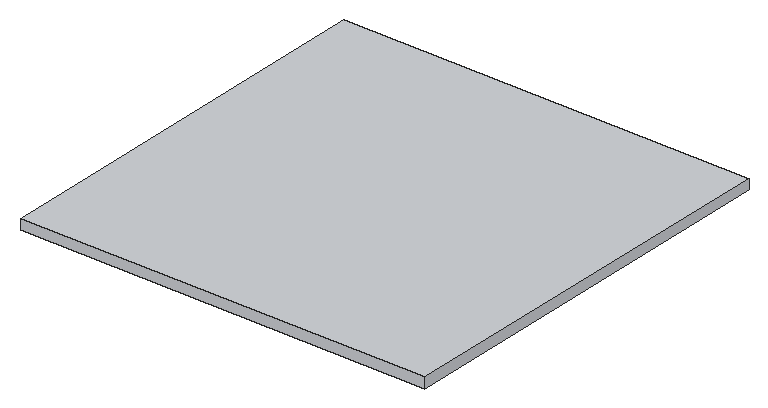
Revit family "4967300", category Aparatos sanitarios, Revit 2017
Family settings
  Anfitrión = Cara
  Cota de conector redondo = Diámetro de uso
  Tipo de pieza = Normal
  Número OmniClass = 23.45.55.14
  Título OmniClass = Single Faucets
  Corte con vacíos al cargar = No
  Compartido = No
  Punto de cálculo de habitación = No
Parameters (values of type "4967300")
  URL = "http://www.griferiasgalindo.com"
  Teléfono = "(+34) 915 782 575"
  TIPO DE AGUA = "Fria/Caliente"
  REFERENCIA = "4967300"
  Presión Máxima = "8 bar"
  PESO BRUTO = ""
  Modelo = "MECANISMO DUCHA EMPOTRABLE"
  Material = LATON CROMADO
  Imagen de tipo = <Ninguno>
  Fabricante = "PRESTO IBÉRICA"
  Default Elevation = 1219.2 mm
  ENTRADA = "Hembra 1/2\""
  Descripción = "Mecanismo ducha empotrable"
  Código de montaje = "C1030220"
  Contacto = "info@prestoiberica.com"
  Conexión AF = yes
  Conexión AC = yes
  Comentarios de tipo = "Cartucho sellado con discos cerámicos de Ø 35 mm.  Entradas y salidas hembra de 1/2\"."
  CIERRE = "Manual"
  CAUDAL = ""
  Accionamiento = "Mediante maneta"
Reference planes
  plane 1 "Centro (Frontal/Posterior)": y = 0
  plane 2: z = 0
  plane 3 "Centro (Izquierda/Derecha)": x = 0
Forms (mm)
  Extrusion 1, solid
    sketch origin (0, 0, 0) x (1, 0, 0) y (0, 1, 0)
      loop
        line (-100, 100) -> (-100, -100) -> (100, -100) -> (100, 100) -> (-100, 100)
    from 0 to -5
Dimensions and locks
  Extrusion 1 sketch curve to plane 1 "Centro (Frontal/Posterior)" = 100 mm
  aligned and locked: plane 2 to Extrusion 1
  aligned and locked: level to Extrusion 1
Connectors
  piping at (0, 0, 0), diameter 12.7
    settings: on import instance, index 1, connector inside diameter 609.6 mm, connector length 0 mm, flow factor 0, pipe flow 0.0 L/s, pressure drop 0.0 Pa, fitting loss kfactor 0, connector angle 0.00°, fixture units 0, engagement length 0 mm, angle of deflection 0.00°, flow configuration 0, flow direction 0, fitting loss method 0, system type 7, joint type 0, gender type 0, connector reference index -1, connector utility 0, adjustable connector no, is connector primary yes, connector description ""
